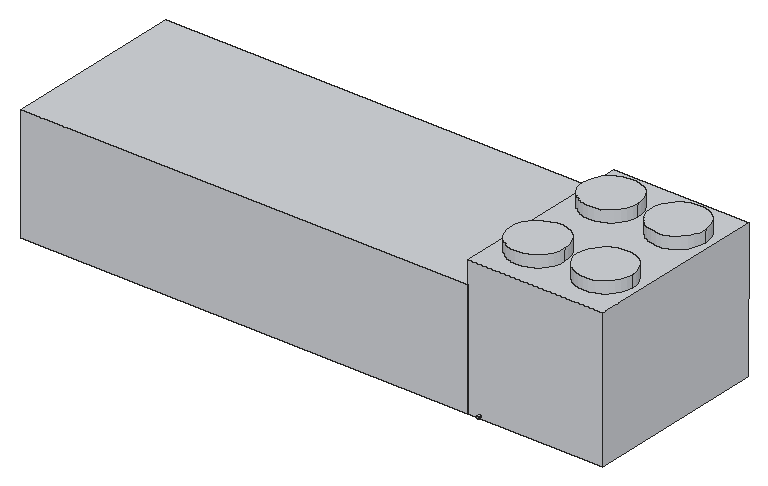
Revit family "M_Unidades AC da cobertura - Elétrico - 70-457 kW", category Equipamento mecânico, Revit 2019
Family settings
  Cota do conector redondo = Usar raio
  Tipo de parte = Normal
  Número OmniClass = 23.75.10.24.21.27.14
  Título OmniClass = Packaged Rooftop Air Conditioning Units
  ID de item do Seek = Rooftop AC Unit - Electric - 70-457 kW-0000-CAN-ENU
  Com base no plano de trabalho = Não
  Sempre na vertical = Sim
  Corte com vazios quando carregada = Não
  Compartilhado = Não
  Ponto de cálculo do ambiente = Não
Parameters (values of type "105 kW")
  Voltagem = 460 V
  Visi90-130 = no
  Visi20-75 = yes
  Largura da unidade = 2300 mm
  Comprimento da unidade = 7350 mm
  Altura da unidade = 1889 mm
  Largura do ar de fornecimento = 675 mm
  Altura do ar de fornecimento = 1700 mm
  Fluxo do ar de fornecimento [instance] = 6371.0 L/s
  Largura do ar de retorno = 2000 mm
  Altura do ar de retorno = 1025 mm
  Fluxo do ar de retorno [instance] = 6371.0 L/s
  Número de pólos = 3
  Material = none
  Classificação de carga = Refrigeração
  Comprimento 2 = if(C1 Deslocamento 1 < 5278 mm, C1 Deslocamento 1, 5278 mm)  # 4974 mm
  Comprimento 1 = Comprimento da unidade - Comprimento 2 - Largura do ar de fornecimento  # 1701 mm
  Altura 2 = 1456 mm
  Altura 1 = 1743 mm
  Entrada do aquecimento [instance] = 70000 W
  Raio do ventilador 2 = 0.05 * Largura da unidade  # 115 mm
  Raio do ventilador 1 = 0.15 * Largura da unidade  # 345 mm
  Raio da drenagem = 17.5 mm
  Diâmetro da drenagem = Raio da drenagem * 2  # 35 mm
  Capacidade de refrigeração [instance] = 122210 W
  C1 Deslocamento 2 = 148 mm
  C1 Deslocamento 1 = 4974 mm
  C2 Deslocamento 2 = 148 mm
  C2 Deslocamento 1 = 148 mm
  Carga aparente = 56345 VA
  Queda de pressão do ar [instance] = 333.0 Pa
Types (12, lengths in mm): name | Visi90-130 | Visi20-75 | Largura da unidade | Comprimento da unidade | Altura da unidade | Largura do ar de fornecimento | Altura do ar de fornecimento | Fluxo do ar de fornecimento | Largura do ar de retorno | Altura do ar de retorno | Fluxo do ar de retorno | Comprimento 2 | Comprimento 1 | Altura 2 | Altura 1 | Entrada do aquecimento | Raio do ventilador 2 | Raio do ventilador 1 | Capacidade de refrigeração | C1 Deslocamento 2 | C1 Deslocamento 1 | C2 Deslocamento 2 | C2 Deslocamento 1 | Carga aparente | Queda de pressão do ar
  (no name) | no | yes | 2300 | 7350 | 1889 | 675 | 1700 | 6371.0 L/s | 2000 | 1025 | 6371.0 L/s | 4974 | 1701 | 1456 | 1743 | 70000 W | 115 | 345 | 122210 W | 148 | 4974 | 148 | 148 | 56345 VA | 333.0 Pa
  70 kW | no | yes | 2300 | 7350.1 | 1751 | 675 | 1700 | 4248.0 L/s | 2000 | 1025 | 4248.0 L/s | 4974 | 1701.1 | 1151 | 1603 | 30000 W | 115 | 345 | 75905 W | 148 | 4974 | 148 | 148 | 26226 VA | 152.0 Pa
  88 kW | no | yes | 2300 | 7350 | 1889 | 675 | 1700 | 5191.0 L/s | 2000 | 1025 | 5191.0 L/s | 4974 | 1701 | 1151 | 1603 | 50000 W | 115 | 345 | 94662 W | 148 | 4974 | 148 | 148 | 41095 VA | 216.0 Pa
  105 kW | no | yes | 2300 | 7350 | 1889 | 675 | 1700 | 6371.0 L/s | 2000 | 1025 | 6371.0 L/s | 4974 | 1701 | 1456 | 1743 | 70000 W | 115 | 345 | 122210 W | 148 | 4974 | 148 | 148 | 56345 VA | 333.0 Pa
  141 kW | no | yes | 2300 | 9208 | 2016 | 735 | 1700 | 8495.0 L/s | 2350 | 1025 | 8495.0 L/s | 5278 | 3195 | 1760 | 1870 | 90000 W | 115 | 345 | 153276 W | 148 | 6053 | 148 | 148 | 74197 VA | 224.0 Pa
  176/193 kW | no | yes | 2300 | 9411 | 1749 | 735 | 1700 | 10619.0 L/s | 2350 | 1025 | 10619.0 L/s | 5278 | 3398 | 2065 | 1603 | 130000 W | 115 | 345 | 203391 W | 148 | 6053 | 148 | 148 | 89447 VA | 423.0 Pa
  211 kW | no | yes | 2946.7 | 9208 | 2016 | 735 | 2350 | 11327.0 L/s | 2350 | 1350 | 11327.0 L/s | 5278 | 3195 | 1761 | 1870 | 150000 W | 147.335 | 442.005 | 242370 W | 148 | 6053 | 148 | 148 | 118820 VA | 336.0 Pa
  246 kW | no | yes | 2940 | 9208 | 2016 | 735 | 2350 | 12743.0 L/s | 2350 | 1350 | 12743.0 L/s | 5278 | 3195 | 1761 | 1870 | 170000 W | 147 | 441 | 233578 W | 148 | 6053 | 148 | 148 | 132570 VA | 525.0 Pa
  264 kW | no | yes | 2946.7 | 9208 | 2016 | 735 | 2350 | 12743.0 L/s | 2350 | 1350 | 12743.0 L/s | 5278 | 3195 | 1761 | 1870 | 190000 W | 147.335 | 442.005 | 286917 W | 148 | 6053 | 148 | 148 | 146329 VA | 565.0 Pa
  316 kW | yes | no | 3640 | 10763 | 2016 | 1150 | 2135 | 21238.0 L/s | 3000 | 1650 | 21238.0 L/s | 5278 | 4335 | 2067 | 1870 | 190000 W | 182 | 546 | 347289 W | 880 | 6414 | 76 | 102 | 170191 VA | 525.0 Pa
  369 kW | yes | no | 3640 | 10763 | 2016 | 1150 | 2135 | 20766.0 L/s | 3000 | 1635 | 20766.0 L/s | 5278 | 4335 | 2067 | 1870 | 190000 W | 182 | 546 | 389198 W | 880 | 6414 | 76 | 102 | 171682.5 VA | 565.0 Pa
  404/457 kW | yes | no | 3640 | 10763 | 2016 | 1150 | 2135 | 21710.0 L/s | 3000 | 1635 | 21710.0 L/s | 5278 | 4335 | 2067 | 1870 | 190000 W | 182 | 546 | 447520 W | 880 | 6414 | 76 | 102 | 173173.9 VA | 697.0 Pa
Reference planes
  plane 1 "Centro (Frente/Trás)": y = 0
  plane 2: z = 0
  plane 3 "Centro (Esquerda/Direita)": x = 0
  plane 4: y = 2300
  plane 5: x = -7350
  plane 6: z = 1889
  plane 7: x = -1701
  plane 8: x = -2376
  plane 9: x = -850.5
  plane 10: y = 1150
  plane 11: x = -1275.75
  plane 12: x = -425.25
  plane 13: y = 1725
  plane 14: y = 575
  plane 15: z = 1743
  plane 16: x = -1134
  plane 17: x = -1417.5
  plane 18: x = -567
  plane 19: x = -283.5
  plane 20: y = 2012.5
  plane 21: y = 1437.5
  plane 22: y = 862.5
  plane 23: y = 287.5
  plane 24: x = -7202
  plane 25: y = 148
  plane 26: x = -5202
  plane 27: y = 1173
  plane 28: y = 2152.362
  plane 29: y = 452.362
  plane 30: x = -1548.6
  plane 31: z = 25.4
Forms (mm)
  Extrusion 1, solid, material <- "Material"
    sketch origin (0, 0, 819.15) x (-1, 0, 0) y (0, -1, 0)
      loop
        line (7350, -2300) -> (7350, 0) -> (1701, 0) -> (1701, -2300) -> (7350, -2300)
    from -819.15 to 636.85
  Extrusion 2, solid, material <- "Material"
    sketch origin (0, 0, 819.15) x (-1, 0, 0) y (0, -1, 0)
      loop
        line (1701, -2300) -> (1701, 0) -> (0, 0) -> (0, -2300) -> (1701, -2300)
    from -819.15 to 923.85
  Extrusion 3, solid, material <- "Material", visible <- "Visi20-75"
    sketch origin (0, 0, 819.15) x (-1, 0, 0) y (0, -1, 0)
      loop
        circle (1275.75, -1725) r 345
      loop
        circle (425.25, -1725) r 345
      loop
        circle (1275.75, -575) r 345
      loop
        circle (425.25, -575) r 345
    from 923.85 to 1069.85
  Extrusion 4, solid, material <- "Material", visible <- "Visi90-130"
    sketch origin (0, 0, 819.15) x (-1, 0, 0) y (0, -1, 0)
      loop
        circle (1417.5, -2012.5) r 115
      loop
        circle (850.5, -2012.5) r 115
      loop
        circle (1417.5, -1437.5) r 115
      loop
        circle (1417.5, -575) r 115
      loop
        circle (850.5, -1437.5) r 115
      loop
        circle (850.5, -287.5) r 115
      loop
        circle (850.5, -862.5) r 115
      loop
        circle (283.5, -1725) r 115
      loop
        circle (283.5, -575) r 115
    from 923.85 to 1069.85
  Extrusion 5, void
    sketch origin (0, 0, 819.15) x (-1, 0, 0) y (0, -1, 0)
      loop
        line (7202, -1173) -> (7202, -148) -> (5202, -148) -> (5202, -1173) -> (7202, -1173)
    from -819.15 to -657.225
  Extrusion 6, void
    sketch origin (0, 0, 819.15) x (-1, 0, 0) y (0, -1, 0)
      loop
        line (2376, -2152.362) -> (2376, -452.362) -> (1701, -452.362) -> (1701, -2152.362) -> (2376, -2152.362)
    from -819.15 to -657.225
  Extrusion 7, solid, material <- "Material"
    sketch origin (0, 0, 0) x (1, 0, 0) y (0, 0, 1)
      loop
        circle (-1548.6, 25.4) r 17.5
    from 0 to 25.4
Cuts and joins
  Extrusion 5, Extrusion 6 cuts Extrusion 1
  Extrusion 6 cuts Extrusion 2
  joined: Extrusion 2, Extrusion 7
Dimensions and locks
  "Largura da unidade": plane 4 to plane 1 "Centro (Frente/Trás)"
  "Comprimento da unidade": plane 5 to plane 3 "Centro (Esquerda/Direita)"
  "Altura da unidade": plane 6 to plane 2
  "Altura 2": Extrusion 1 to plane 2
  equal spacing: plane 7, plane 9, plane 3 "Centro (Esquerda/Direita)"
  equal spacing: plane 4, plane 10, plane 1 "Centro (Frente/Trás)"
  equal spacing: plane 7, plane 11, plane 9
  equal spacing: plane 9, plane 12, plane 3 "Centro (Esquerda/Direita)"
  equal spacing: plane 4, plane 13, plane 10
  equal spacing: plane 10, plane 14, plane 1 "Centro (Frente/Trás)"
  "Altura 1": plane 15 to plane 2
  equal spacing: plane 7, plane 17, plane 16, plane 9
  equal spacing: plane 9, plane 18, plane 19, plane 3 "Centro (Esquerda/Direita)"
  equal spacing: plane 4, plane 20, plane 13
  equal spacing: plane 13, plane 21, plane 10
  equal spacing: plane 10, plane 22, plane 14
  equal spacing: plane 1 "Centro (Frente/Trás)", plane 23, plane 14
  "C2 Deslocamento 1": plane 5 to plane 24
  "C2 Deslocamento 2": plane 1 "Centro (Frente/Trás)" to plane 25
  "Largura do ar de retorno": plane 24 to plane 26
  "Altura do ar de retorno": plane 25 to plane 27
  locked: cut or joined group of Extrusion 1, Extrusion 5, Extrusion 6 to plane 2 at 161.925  (x2)
  locked: plane 4 to plane 28 at 147.638
  "Altura do ar de fornecimento": plane 28 to plane 29
  locked: plane 30 to plane 7 at 152.4
  locked: plane 31 to plane 2 at 25.4
  locked: Extrusion 7 to plane 1 "Centro (Frente/Trás)" at 25.4
  Extrusion 7 to Extrusion 7 = 25.4 mm
  "Comprimento 1": plane 7 to plane 3 "Centro (Esquerda/Direita)"
  "Largura do ar de fornecimento": plane 8 to plane 7
  "Raio do ventilador 1": radius of Extrusion 3 sketch curve  (x4)
  "Raio do ventilador 2": radius of Extrusion 4 sketch curve  (x9)
  "Raio da drenagem": radius of Extrusion 7 sketch curve
  aligned and locked: plane 5 to Extrusion 1 sketch curve
  aligned and locked: Extrusion 1 sketch curve to plane 4
  aligned and locked: plane 1 "Centro (Frente/Trás)" to Extrusion 1 sketch curve
  aligned and locked: Extrusion 1 sketch curve to plane 7
  aligned and locked: Extrusion 1 to Extrusion 2 sketch curve
  aligned and locked: Extrusion 2 sketch curve to Extrusion 1
  aligned and locked: plane 1 "Centro (Frente/Trás)" to Extrusion 2 sketch curve
  aligned and locked: Extrusion 2 sketch curve to plane 3 "Centro (Esquerda/Direita)"
  aligned and locked: Extrusion 1 to plane 2
  aligned and locked: Extrusion 2 to plane 2
  aligned and locked: plane 11 to Extrusion 3 sketch curve  (x2)
  aligned and locked: plane 13 to Extrusion 3 sketch curve  (x2)
  aligned and locked: plane 12 to Extrusion 3 sketch curve  (x2)
  aligned and locked: plane 14 to Extrusion 3 sketch curve  (x2)
  aligned and locked: plane 6 to Extrusion 3
  aligned and locked: plane 15 to Extrusion 2
  aligned and locked: Extrusion 3 to plane 15
  aligned and locked: plane 17 to Extrusion 4 sketch curve  (x3)
  aligned and locked: plane 20 to Extrusion 4 sketch curve  (x2)
  aligned and locked: plane 19 to Extrusion 4 sketch curve  (x2)
  aligned and locked: plane 14 to Extrusion 4 sketch curve  (x2)
  aligned and locked: plane 13 to Extrusion 4 sketch curve
  aligned and locked: plane 9 to Extrusion 4 sketch curve  (x4)
  aligned and locked: plane 23 to Extrusion 4 sketch curve
  aligned and locked: plane 22 to Extrusion 4 sketch curve
  aligned and locked: plane 21 to Extrusion 4 sketch curve  (x2)
  aligned and locked: plane 6 to Extrusion 4
  aligned and locked: Extrusion 4 to plane 15
  aligned and locked: plane 24 to Extrusion 5 sketch curve
  aligned and locked: plane 27 to Extrusion 5 sketch curve
  aligned and locked: plane 25 to Extrusion 5 sketch curve
  aligned and locked: Extrusion 5 sketch curve to plane 26
  aligned and locked: cut or joined group of Extrusion 1, Extrusion 5, Extrusion 6 to plane 2  (x2)
  aligned and locked: plane 8 to Extrusion 6 sketch curve
  aligned and locked: Extrusion 6 sketch curve to plane 28
  aligned and locked: plane 29 to Extrusion 6 sketch curve
  aligned and locked: Extrusion 6 sketch curve to plane 7
  aligned and locked: plane 30 to Extrusion 7 sketch curve
  aligned and locked: plane 31 to Extrusion 7 sketch curve
Connectors
  hvac at (-2038.5, 1302.362, 161.925), driven by "Fluxo do ar de fornecimento", driven by "Altura do ar de fornecimento", driven by "Largura do ar de fornecimento"
    settings: on cut or joined group of Extrusion 1, Extrusion 5, Extrusion 6, index 1, duct flow 6371.0 L/s, flow factor 0, pres drop 0.0 Pa, loss coef 0, conn angle 0.00°, conn width 675 mm, conn height 1700 mm, conn diameter 609.6 mm, duct sys type 1, conn prof type 1, flow config 0, flow direction 2, loss method 0, conn ref index 2, conn util no, is conn primary yes, conn desc ""
  hvac at (-6202, 660.5, 161.925), driven by "Fluxo do ar de retorno", driven by "Altura do ar de retorno", driven by "Largura do ar de retorno", driven by "Queda de pressão do ar"
    settings: on cut or joined group of Extrusion 1, Extrusion 5, Extrusion 6, index 2, duct flow 6371.0 L/s, flow factor 0, pres drop 333.0 Pa, loss coef 0, conn angle 0.00°, conn width 2000 mm, conn height 1025 mm, conn diameter 609.6 mm, duct sys type 2, conn prof type 1, flow config 0, flow direction 1, loss method 4, conn ref index 1, conn util no, is conn primary no, conn desc ""
  piping at (-1548.6, -25.4, 25.4), diameter 35, driven by "Raio da drenagem"
    settings: on Extrusion 7, index 3, connector inside diameter 35 mm, connector length 0 mm, flow factor 0, pipe flow 0.0 L/s, pressure drop 0.0 Pa, fitting loss kfactor 0, connector angle 0.00°, fixture units 0, engagement length 0 mm, angle of deflection 0.00°, flow configuration 1, flow direction 2, fitting loss method 0, system type 16, joint type 0, gender type 0, connector reference index -1, connector utility 0, adjustable connector yes, is connector primary yes, connector description "Saída da drenagem"
  electrical at (0, 1150, 871.5), driven by "Carga aparente", driven by "Voltagem", driven by "Número de pólos", driven by "Classificação de carga"
    settings: on cut or joined group of Extrusion 2, Extrusion 6, Extrusion 7, index 4, voltage 460 V, apparent load 56345 VA, apparent load phase1 0 VA, apparent load phase2 0 VA, apparent load phase3 0 VA, power factor 0.8, load classification "Refrigeração", number of poles 3, system type 30, power factor state 1, is connector primary yes, connector utility no, sub classification motor no, connector description ""
